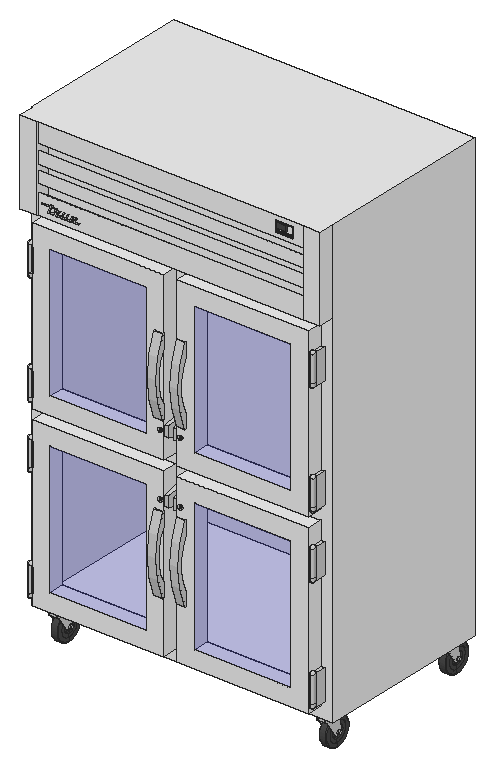
Revit family (continued)
Automatic sketch dimensions
  Extrusion 8 sketch curve to Extrusion 8 sketch curve = 0.16397"
  Extrusion 8 sketch curve to Extrusion 8 sketch curve = 0.12601"
  Extrusion 8 sketch curve to Extrusion 8 sketch curve = 0.1363"
  Extrusion 8 sketch curve to Extrusion 8 sketch curve = 0.02323"
  Extrusion 8 sketch curve to Extrusion 8 sketch curve = 0.03844"
  Extrusion 8 sketch curve to Extrusion 8 sketch curve = 0.0454"
  Extrusion 8 sketch curve to Extrusion 8 sketch curve = 0.05693"
  Extrusion 8 sketch curve to Extrusion 8 sketch curve = 0.0917"
  Extrusion 8 sketch curve to Extrusion 8 sketch curve = 0.01902"
  Extrusion 8 sketch curve to Extrusion 8 sketch curve = 0.02191"
  Extrusion 8 sketch curve to Extrusion 8 sketch curve = 0.0347"
  Extrusion 8 sketch curve to Extrusion 8 sketch curve = 0.06385"
  Extrusion 8 sketch curve to Extrusion 8 sketch curve = 0.02906"
  Extrusion 8 sketch curve to Extrusion 8 sketch curve = 0.02851"
  Extrusion 8 sketch curve to Extrusion 8 sketch curve = 0.29237"
  Extrusion 8 sketch curve to Extrusion 8 sketch curve = 0.00537"
  Extrusion 8 sketch curve to Extrusion 8 sketch curve = 0.0406"
  Extrusion 8 sketch curve to Extrusion 8 sketch curve = 0.04327"
  Extrusion 8 sketch curve to Extrusion 8 sketch curve = 0.02615"
  Extrusion 8 sketch curve to Extrusion 8 sketch curve = 0.11806"
  Extrusion 8 sketch curve to Extrusion 8 sketch curve = 0.15103"
  Extrusion 8 sketch curve to Extrusion 8 sketch curve = 0.10007"
  Extrusion 8 sketch curve to Extrusion 8 sketch curve = 0.5254"
  Extrusion 8 sketch curve to Extrusion 8 sketch curve = 0.14787"
  Extrusion 8 sketch curve to plane 6 "TOP" = 13.64562"
  Extrusion 8 sketch curve to Extrusion 8 sketch curve = 0.07275"
  Extrusion 8 sketch curve to Extrusion 8 sketch curve = 0.05776"
  Extrusion 8 sketch curve to Extrusion 8 sketch curve = 0.08631"
  Extrusion 8 sketch curve to Extrusion 8 sketch curve = 0.09282"
  Extrusion 8 sketch curve to Extrusion 8 sketch curve = 0.13018"
  Extrusion 8 sketch curve to Extrusion 8 sketch curve = 0.16714"
  Extrusion 8 sketch curve to Extrusion 8 sketch curve = 0.11061"
  Extrusion 8 sketch curve to Extrusion 8 sketch curve = 0.06046"
  Extrusion 8 sketch curve to Extrusion 8 sketch curve = 0.16548"
  Extrusion 8 sketch curve to Extrusion 8 sketch curve = 0.14279"
  Extrusion 8 sketch curve to Extrusion 8 sketch curve = 0.0496"
  Extrusion 8 sketch curve to Extrusion 8 sketch curve = 0.07293"
  Extrusion 8 sketch curve to Extrusion 8 sketch curve = 0.07764"
  Extrusion 8 sketch curve to Extrusion 8 sketch curve = 0.03794"
  Extrusion 8 sketch curve to Extrusion 8 sketch curve = 0.08552"
  Extrusion 8 sketch curve to Extrusion 8 sketch curve = 0.09296"
  Extrusion 8 sketch curve to Extrusion 8 sketch curve = 0.09314"
  Extrusion 8 sketch curve to Extrusion 8 sketch curve = 0.02781"
  Extrusion 8 sketch curve to Extrusion 8 sketch curve = 0.04981"
  Extrusion 8 sketch curve to Extrusion 8 sketch curve = 0.09315"
  Extrusion 8 sketch curve to Extrusion 8 sketch curve = 0.04799"
  Extrusion 8 sketch curve to Extrusion 8 sketch curve = 0.02531"
  Extrusion 8 sketch curve to Extrusion 8 sketch curve = 0.03054"
  Extrusion 8 sketch curve to Extrusion 8 sketch curve = 0.2589"
  Extrusion 8 sketch curve to Extrusion 8 sketch curve = 0.0674"
  Extrusion 8 sketch curve to Extrusion 8 sketch curve = 0.0324"
  Extrusion 8 sketch curve to Extrusion 8 sketch curve = 0.26185"
  Extrusion 8 sketch curve to Extrusion 8 sketch curve = 11/256"
  Extrusion 8 sketch curve to Extrusion 8 sketch curve = 0.07366"
  Extrusion 8 sketch curve to Extrusion 8 sketch curve = 0.02187"
  Extrusion 8 sketch curve to Extrusion 8 sketch curve = 0.06479"
  Extrusion 8 sketch curve to Extrusion 8 sketch curve = 0.01183"
  Extrusion 8 sketch curve to Extrusion 8 sketch curve = 0.05778"
  Extrusion 8 sketch curve to Extrusion 8 sketch curve = 0.53375"
  Extrusion 8 sketch curve to Extrusion 8 sketch curve = 0.23098"
  Extrusion 8 sketch curve to Extrusion 8 sketch curve = 0"
  Extrusion 8 sketch curve to Extrusion 8 sketch curve = 0.05045"
  Extrusion 8 sketch curve to Extrusion 8 sketch curve = 0.09139"
  Extrusion 8 sketch curve to Extrusion 8 sketch curve = 29/128"  (x3)
  Extrusion 9 sketch curve to plane 10 = 13/32"
  Extrusion 9 sketch curve to plane 6 "TOP" = 2 1/8"
  plane 5 "FRONT" to Extrusion 10 sketch curve = 0.2"  (x2)
  plane 5 "FRONT" to Extrusion 10 sketch curve = 0"  (x2)
  Extrusion 10 sketch curve to plane 5 "FRONT" = 7.77899"
  Extrusion 10 sketch curve to Extrusion 10 sketch curve = 7.30945"
  Extrusion 10 sketch curve to plane 6 "TOP" = 25.38027"
  Extrusion 10 sketch curve to Extrusion 10 sketch curve = 2.4"
  Extrusion 10 sketch curve to Extrusion 10 sketch curve = 4.4"
  Extrusion 10 sketch curve to Extrusion 10 sketch curve = 0"
  Blend 11 sketch curve to plane 12 = 1 1/8"  (x2)
  Blend 11 sketch curve to plane 12 = 3/8"
  plane 7 to Blend 11 sketch curve = 36.49169"
  Blend 11 sketch curve to Blend 11 sketch curve = 1 3/4"
  Blend 11 sketch curve to plane 12 = 0.19277"
  plane 7 to Blend 11 sketch curve = 35.8941"
  Blend 11 sketch curve to Blend 11 sketch curve = 2.78233"
  Blend 12 sketch curve to plane 8 = 1 9/32"
  Blend 12 sketch curve to plane 8 = 17/32"
  plane 7 to Blend 12 sketch curve = 38.24169"
  Blend 12 sketch curve to Blend 12 sketch curve = 1 3/4"
  plane 8 to Blend 12 sketch curve = 1 9/32"
  plane 8 to Blend 12 sketch curve = 0.34902"
  Blend 12 sketch curve to plane 7 = 35.8941"
  Blend 12 sketch curve to Blend 12 sketch curve = 2.78233"
  Extrusion 13 sketch curve to plane 5 "FRONT" = 1/2"
  Extrusion 13 sketch curve to Extrusion 13 sketch curve = 0.43503"
  Extrusion 13 sketch curve to Extrusion 13 sketch curve = 0.20453"
  Extrusion 13 sketch curve to Extrusion 13 sketch curve = 1.61044"
  Extrusion 13 sketch curve to plane 6 "TOP" = 24.88873"
  Extrusion 13 sketch curve to Extrusion 13 sketch curve = 0.71221"
  Extrusion 13 sketch curve to Extrusion 13 sketch curve = 4.39928"
  Revolve 14 sketch curve to plane 5 "FRONT" = 0.07771"  (x2)
  Revolve 14 sketch curve to Revolve 14 sketch curve = 0.38242"
  Revolve 14 sketch curve to Revolve 14 sketch curve = 0.38436"
  Revolve 14 sketch curve to plane 5 "FRONT" = 31/64"
  Revolve 14 sketch curve to Revolve 14 sketch curve = 0.40666"
  Revolve 14 sketch curve to Revolve 14 sketch curve = 0"
  Revolve 14 sketch curve to plane 6 "TOP" = 25.07719"
  Revolve 14 sketch curve to Revolve 14 sketch curve = 0.32931"
  Revolve 14 sketch curve to Revolve 14 sketch curve = 0.51246"
  Revolve 14 sketch curve to Revolve 14 sketch curve = 0.05342"
  Revolve 14 sketch curve to Revolve 14 sketch curve = 4.42889"
  Revolve 14 sketch curve to Revolve 14 sketch curve = 0.04281"
  Revolve 14 sketch curve to Revolve 14 sketch curve = 0.18929"
  Revolve 14 sketch curve to Revolve 14 sketch curve = 0.55526"
  Extrusion 15 sketch curve to plane 9 = 1.14759"
  Extrusion 15 sketch curve to Extrusion 15 sketch curve = 0.39759"
  Extrusion 15 sketch curve to plane 6 "TOP" = 24.12421"
  Extrusion 15 sketch curve to Extrusion 15 sketch curve = 4.47281"
  Extrusion 16 sketch curve to plane 5 "FRONT" = 1/2"
  Extrusion 16 sketch curve to Extrusion 16 sketch curve = 0.43503"
  Extrusion 16 sketch curve to Extrusion 16 sketch curve = 0.20453"
  Extrusion 16 sketch curve to Extrusion 16 sketch curve = 1.61044"
  plane 7 to Extrusion 16 sketch curve = 33.61127"
  Extrusion 16 sketch curve to Extrusion 16 sketch curve = 0.71221"
  Extrusion 16 sketch curve to Extrusion 16 sketch curve = 4.39928"
  Revolve 17 sketch curve to plane 5 "FRONT" = 0.07771"  (x2)
  Revolve 17 sketch curve to Revolve 17 sketch curve = 0.38242"
  Revolve 17 sketch curve to Revolve 17 sketch curve = 0.38436"
  Revolve 17 sketch curve to plane 5 "FRONT" = 31/64"
  Revolve 17 sketch curve to Revolve 17 sketch curve = 0.40666"
  Revolve 17 sketch curve to Revolve 17 sketch curve = 0"
  plane 7 to Revolve 17 sketch curve = 33.42281"
  Revolve 17 sketch curve to Revolve 17 sketch curve = 0.32931"
  Revolve 17 sketch curve to Revolve 17 sketch curve = 0.51246"
  Revolve 17 sketch curve to Revolve 17 sketch curve = 0.05342"
  Revolve 17 sketch curve to Revolve 17 sketch curve = 4.42889"
  Revolve 17 sketch curve to Revolve 17 sketch curve = 0.04281"
  Revolve 17 sketch curve to Revolve 17 sketch curve = 0.18929"
  Revolve 17 sketch curve to Revolve 17 sketch curve = 0.55526"
  Extrusion 18 sketch curve to plane 9 = 1.14759"
  Extrusion 18 sketch curve to Extrusion 18 sketch curve = 0.39759"
  plane 7 to Extrusion 18 sketch curve = 34.37579"
  Extrusion 18 sketch curve to Extrusion 18 sketch curve = 4.47281"
  Extrusion 19 sketch curve to plane 5 "FRONT" = 1/2"
  Extrusion 19 sketch curve to Extrusion 19 sketch curve = 0.43503"
  Extrusion 19 sketch curve to Extrusion 19 sketch curve = 0.20453"
  Extrusion 19 sketch curve to Extrusion 19 sketch curve = 1.61044"
  plane 7 to Extrusion 19 sketch curve = 22.61127"
  Extrusion 19 sketch curve to Extrusion 19 sketch curve = 0.71221"
  Extrusion 19 sketch curve to Extrusion 19 sketch curve = 4.39928"
  Revolve 20 sketch curve to plane 5 "FRONT" = 0.07771"  (x2)
  Revolve 20 sketch curve to Revolve 20 sketch curve = 0.38242"
  Revolve 20 sketch curve to Revolve 20 sketch curve = 0.38436"
  Revolve 20 sketch curve to plane 5 "FRONT" = 31/64"
  Revolve 20 sketch curve to Revolve 20 sketch curve = 0.40666"
  Revolve 20 sketch curve to Revolve 20 sketch curve = 0"
  plane 7 to Revolve 20 sketch curve = 22.42281"
  Revolve 20 sketch curve to Revolve 20 sketch curve = 0.32931"
  Revolve 20 sketch curve to Revolve 20 sketch curve = 0.51246"
  Revolve 20 sketch curve to Revolve 20 sketch curve = 0.05342"
  Revolve 20 sketch curve to Revolve 20 sketch curve = 4.42889"
  Revolve 20 sketch curve to Revolve 20 sketch curve = 0.04281"
  Revolve 20 sketch curve to Revolve 20 sketch curve = 0.18929"
  Revolve 20 sketch curve to Revolve 20 sketch curve = 0.55526"
  Extrusion 21 sketch curve to plane 9 = 1.14759"
  Extrusion 21 sketch curve to Extrusion 21 sketch curve = 0.39759"
  plane 7 to Extrusion 21 sketch curve = 23.37579"
  Extrusion 21 sketch curve to Extrusion 21 sketch curve = 4.47281"
  Extrusion 22 sketch curve to plane 5 "FRONT" = 1/2"
  Extrusion 22 sketch curve to Extrusion 22 sketch curve = 0.43503"
  Extrusion 22 sketch curve to Extrusion 22 sketch curve = 0.20453"
  Extrusion 22 sketch curve to Extrusion 22 sketch curve = 1.61044"
  plane 7 to Extrusion 22 sketch curve = 2.86127"
  Extrusion 22 sketch curve to Extrusion 22 sketch curve = 0.71221"
  Extrusion 22 sketch curve to Extrusion 22 sketch curve = 4.39928"
  Revolve 23 sketch curve to plane 5 "FRONT" = 0.07771"  (x2)
  Revolve 23 sketch curve to Revolve 23 sketch curve = 0.38242"
  Revolve 23 sketch curve to Revolve 23 sketch curve = 0.38436"
  Revolve 23 sketch curve to plane 5 "FRONT" = 31/64"
  Revolve 23 sketch curve to Revolve 23 sketch curve = 0.40666"
  Revolve 23 sketch curve to Revolve 23 sketch curve = 0"
  plane 7 to Revolve 23 sketch curve = 2.67281"
  Revolve 23 sketch curve to Revolve 23 sketch curve = 0.32931"
  Revolve 23 sketch curve to Revolve 23 sketch curve = 0.51246"
  Revolve 23 sketch curve to Revolve 23 sketch curve = 0.05342"
  Revolve 23 sketch curve to Revolve 23 sketch curve = 4.42889"
  Revolve 23 sketch curve to Revolve 23 sketch curve = 0.04281"
  Revolve 23 sketch curve to Revolve 23 sketch curve = 0.18929"
  Revolve 23 sketch curve to Revolve 23 sketch curve = 0.55526"
  Extrusion 24 sketch curve to plane 9 = 1.14759"
  Extrusion 24 sketch curve to Extrusion 24 sketch curve = 0.39759"
  plane 7 to Extrusion 24 sketch curve = 3.62579"
  Extrusion 24 sketch curve to Extrusion 24 sketch curve = 4.47281"
  Extrusion 25 sketch curve to plane 5 "FRONT" = 1/2"
  Extrusion 25 sketch curve to Extrusion 25 sketch curve = 0.43503"
  Extrusion 25 sketch curve to Extrusion 25 sketch curve = 0.20453"
  Extrusion 25 sketch curve to Extrusion 25 sketch curve = 1.61044"
  Extrusion 25 sketch curve to plane 6 "TOP" = 19.57271"
  Extrusion 25 sketch curve to Extrusion 25 sketch curve = 4.39928"
  Extrusion 25 sketch curve to Extrusion 25 sketch curve = 0.71221"
  Revolve 26 sketch curve to plane 5 "FRONT" = 0.07771"  (x2)
  Revolve 26 sketch curve to Revolve 26 sketch curve = 0.38242"
  Revolve 26 sketch curve to Revolve 26 sketch curve = 0.38436"
  Revolve 26 sketch curve to plane 5 "FRONT" = 31/64"
  Revolve 26 sketch curve to Revolve 26 sketch curve = 0.40666"
  Revolve 26 sketch curve to Revolve 26 sketch curve = 0"
  Revolve 26 sketch curve to plane 6 "TOP" = 18.75492"
  Revolve 26 sketch curve to Revolve 26 sketch curve = 0.55526"
  Revolve 26 sketch curve to Revolve 26 sketch curve = 0.19474"
  Revolve 26 sketch curve to Revolve 26 sketch curve = 0.14649"
  Revolve 26 sketch curve to Revolve 26 sketch curve = 4.42889"
  Revolve 26 sketch curve to Revolve 26 sketch curve = 0.05342"
  Revolve 26 sketch curve to Revolve 26 sketch curve = 0.51246"
  Revolve 26 sketch curve to Revolve 26 sketch curve = 0.05889"
  plane 10 to Extrusion 27 sketch curve = 0.99134"
  Extrusion 27 sketch curve to Extrusion 27 sketch curve = 0.39759"
  Extrusion 27 sketch curve to plane 6 "TOP" = 19.6514"
  Extrusion 27 sketch curve to Extrusion 27 sketch curve = 4.47281"
  Extrusion 28 sketch curve to plane 5 "FRONT" = 1/2"
  Extrusion 28 sketch curve to Extrusion 28 sketch curve = 0.43503"
  Extrusion 28 sketch curve to Extrusion 28 sketch curve = 0.20453"
  Extrusion 28 sketch curve to Extrusion 28 sketch curve = 1.61044"
  plane 7 to Extrusion 28 sketch curve = 38.92729"
  Extrusion 28 sketch curve to Extrusion 28 sketch curve = 4.39928"
  Extrusion 28 sketch curve to Extrusion 28 sketch curve = 0.71221"
  Revolve 29 sketch curve to plane 5 "FRONT" = 0.07771"  (x2)
  Revolve 29 sketch curve to Revolve 29 sketch curve = 0.38242"
  Revolve 29 sketch curve to Revolve 29 sketch curve = 0.38436"
  Revolve 29 sketch curve to plane 5 "FRONT" = 31/64"
  Revolve 29 sketch curve to Revolve 29 sketch curve = 0.40666"
  Revolve 29 sketch curve to Revolve 29 sketch curve = 0"
  Revolve 29 sketch curve to plane 6 "TOP" = 38.25492"
  Revolve 29 sketch curve to Revolve 29 sketch curve = 0.55526"
  Revolve 29 sketch curve to Revolve 29 sketch curve = 0.19474"
  Revolve 29 sketch curve to Revolve 29 sketch curve = 0.14649"
  Revolve 29 sketch curve to Revolve 29 sketch curve = 4.42889"
  Revolve 29 sketch curve to Revolve 29 sketch curve = 0.05342"
  Revolve 29 sketch curve to Revolve 29 sketch curve = 0.51246"
  Revolve 29 sketch curve to Revolve 29 sketch curve = 0.05889"
  plane 10 to Extrusion 30 sketch curve = 0.99134"
  Extrusion 30 sketch curve to Extrusion 30 sketch curve = 0.39759"
  plane 7 to Extrusion 30 sketch curve = 38.8486"
  Extrusion 30 sketch curve to Extrusion 30 sketch curve = 4.47281"
  Extrusion 31 sketch curve to plane 5 "FRONT" = 1/2"
  Extrusion 31 sketch curve to Extrusion 31 sketch curve = 0.43503"
  Extrusion 31 sketch curve to Extrusion 31 sketch curve = 0.20453"
  Extrusion 31 sketch curve to Extrusion 31 sketch curve = 1.61044"
  plane 7 to Extrusion 31 sketch curve = 27.92729"
  Extrusion 31 sketch curve to Extrusion 31 sketch curve = 4.39928"
  Extrusion 31 sketch curve to Extrusion 31 sketch curve = 0.71221"
  Revolve 32 sketch curve to plane 5 "FRONT" = 0.07771"  (x2)
  Revolve 32 sketch curve to Revolve 32 sketch curve = 0.38242"
  Revolve 32 sketch curve to Revolve 32 sketch curve = 0.38436"
  Revolve 32 sketch curve to plane 5 "FRONT" = 31/64"
  Revolve 32 sketch curve to Revolve 32 sketch curve = 0.40666"
  Revolve 32 sketch curve to Revolve 32 sketch curve = 0"
  plane 7 to Revolve 32 sketch curve = 28.74508"
  Revolve 32 sketch curve to Revolve 32 sketch curve = 0.55526"
  Revolve 32 sketch curve to Revolve 32 sketch curve = 0.19474"
  Revolve 32 sketch curve to Revolve 32 sketch curve = 0.14649"
  Revolve 32 sketch curve to Revolve 32 sketch curve = 4.42889"
  Revolve 32 sketch curve to Revolve 32 sketch curve = 0.05342"
  Revolve 32 sketch curve to Revolve 32 sketch curve = 0.51246"
  Revolve 32 sketch curve to Revolve 32 sketch curve = 0.05889"
  plane 10 to Extrusion 33 sketch curve = 0.99134"
  Extrusion 33 sketch curve to Extrusion 33 sketch curve = 0.39759"
  plane 7 to Extrusion 33 sketch curve = 27.8486"
  Extrusion 33 sketch curve to Extrusion 33 sketch curve = 4.47281"
  Extrusion 34 sketch curve to plane 5 "FRONT" = 1/2"
  Extrusion 34 sketch curve to Extrusion 34 sketch curve = 0.43503"
  Extrusion 34 sketch curve to Extrusion 34 sketch curve = 0.20453"
  Extrusion 34 sketch curve to Extrusion 34 sketch curve = 1.61044"
  plane 7 to Extrusion 34 sketch curve = 8.17729"
  plane 7 to Extrusion 34 sketch curve = 3.57348"
  Extrusion 34 sketch curve to Extrusion 34 sketch curve = 0.71221"
  Revolve 35 sketch curve to plane 5 "FRONT" = 0.07771"  (x2)
  Revolve 35 sketch curve to Revolve 35 sketch curve = 0.38242"
  Revolve 35 sketch curve to Revolve 35 sketch curve = 0.38436"
  Revolve 35 sketch curve to plane 5 "FRONT" = 31/64"
  Revolve 35 sketch curve to Revolve 35 sketch curve = 0.40666"
  Revolve 35 sketch curve to Revolve 35 sketch curve = 0"
  plane 7 to Revolve 35 sketch curve = 8.99508"
  Revolve 35 sketch curve to Revolve 35 sketch curve = 0.55526"
  Revolve 35 sketch curve to Revolve 35 sketch curve = 0.19474"
  Revolve 35 sketch curve to Revolve 35 sketch curve = 0.14649"
  plane 7 to Revolve 35 sketch curve = 3.62689"
  Revolve 35 sketch curve to Revolve 35 sketch curve = 0.05342"
  Revolve 35 sketch curve to Revolve 35 sketch curve = 0.51246"
  Revolve 35 sketch curve to Revolve 35 sketch curve = 0.05889"
  plane 10 to Extrusion 36 sketch curve = 0.99134"
  Extrusion 36 sketch curve to Extrusion 36 sketch curve = 0.39759"
  plane 7 to Extrusion 36 sketch curve = 8.0986"
  plane 7 to Extrusion 36 sketch curve = 3.62579"
  Revolve 37 sketch curve to plane 10 = 1.50773"
  Revolve 37 sketch curve to Revolve 37 sketch curve = 0.48273"
  Revolve 37 sketch curve to plane 10 = 5/8"  (x2)
  Revolve 37 sketch curve to Revolve 37 sketch curve = 0.1"  (x2)
  Revolve 37 sketch curve to Revolve 37 sketch curve = 0.16101"
  plane 10 to Revolve 37 sketch curve = 0.12908"
  plane 10 to Revolve 37 sketch curve = 0.46399"
  plane 10 to Revolve 37 sketch curve = 0.525"
  Revolve 37 sketch curve to Revolve 37 sketch curve = 1/2"
  Revolve 37 sketch curve to Revolve 37 sketch curve = 0.16509"
  Revolve 37 sketch curve to Revolve 37 sketch curve = 0.39592"
  level to Revolve 37 sketch curve = 2 1/2"
  Revolve 37 sketch curve to Revolve 37 sketch curve = 0"
  Revolve 37 sketch curve to Revolve 37 sketch curve = 0.29941"  (x2)
  Revolve 37 sketch curve to Revolve 37 sketch curve = 3/4"  (x4)
  Revolve 37 sketch curve to Revolve 37 sketch curve = 0.59652"
  Revolve 37 sketch curve to Revolve 37 sketch curve = 0.60059"
  Extrusion 38 sketch curve to plane 7 = 0.63926"  (x2)
  Extrusion 38 sketch curve to plane 5 "FRONT" = 3.79864"
  Extrusion 38 sketch curve to Extrusion 38 sketch curve = 1/4"  (x2)
  level to Extrusion 38 sketch curve = 2.18736"  (x2)
  Extrusion 38 sketch curve to Extrusion 38 sketch curve = 1.7492"
  Extrusion 38 sketch curve to Extrusion 38 sketch curve = 0.50669"  (x2)
  Extrusion 38 sketch curve to Extrusion 38 sketch curve = 2 1/2"
  level to Extrusion 38 sketch curve = 2.59003"
  Extrusion 38 sketch curve to Extrusion 38 sketch curve = 0.59966"  (x2)
  plane 1 "BACK" to Extrusion 38 sketch curve = 3.8577"
  plane 1 "BACK" to Extrusion 38 sketch curve = 1.8585"
  plane 1 "BACK" to Extrusion 38 sketch curve = 1.1077"
  Extrusion 38 sketch curve to Extrusion 38 sketch curve = 0.32905"
  Extrusion 38 sketch curve to Extrusion 38 sketch curve = 0.60485"  (x2)
  Extrusion 39 sketch curve to plane 7 = 0.63926"  (x2)
  Extrusion 39 sketch curve to plane 5 "FRONT" = 3.79864"
  Extrusion 39 sketch curve to Extrusion 39 sketch curve = 1/4"  (x2)
  level to Extrusion 39 sketch curve = 2.18736"  (x2)
  Extrusion 39 sketch curve to Extrusion 39 sketch curve = 1.7492"
  Extrusion 39 sketch curve to Extrusion 39 sketch curve = 0.50669"  (x2)
  Extrusion 39 sketch curve to Extrusion 39 sketch curve = 2 1/2"
  level to Extrusion 39 sketch curve = 2.59003"
  Extrusion 39 sketch curve to Extrusion 39 sketch curve = 0.59966"  (x2)
  plane 1 "BACK" to Extrusion 39 sketch curve = 3.8577"
  plane 1 "BACK" to Extrusion 39 sketch curve = 1.8585"
  plane 1 "BACK" to Extrusion 39 sketch curve = 1.1077"
  Extrusion 39 sketch curve to Extrusion 39 sketch curve = 0.32905"
  Extrusion 39 sketch curve to Extrusion 39 sketch curve = 0.60485"  (x2)
  Revolve 40 sketch curve to plane 10 = 0"  (x2)
  Revolve 40 sketch curve to plane 7 = 0.62954"
  Revolve 40 sketch curve to plane 10 = 1.29707"
  Revolve 40 sketch curve to Revolve 40 sketch curve = 0.10278"
  Revolve 40 sketch curve to plane 7 = 0.00141"
  plane 7 to Revolve 40 sketch curve = 0.26768"
  Revolve 41 sketch curve to level = 0"
  Revolve 41 sketch curve to plane 10 = 0"  (x2)
  Revolve 41 sketch curve to plane 10 = 1/2"
  Revolve 41 sketch curve to Revolve 41 sketch curve = 1/4"
  Revolve 41 sketch curve to plane 7 = 0"
  Revolve 41 sketch curve to Revolve 41 sketch curve = 1.33338"
  level to Revolve 41 sketch curve = 1"
  Revolve 41 sketch curve to Revolve 41 sketch curve = 5/8"
  plane 7 to Revolve 41 sketch curve = 1 25/32"
  Revolve 42 sketch curve to level = 0"
  Revolve 42 sketch curve to plane 10 = 0"  (x2)
  Revolve 42 sketch curve to plane 10 = 1/2"
  Revolve 42 sketch curve to Revolve 42 sketch curve = 1/4"
  Revolve 42 sketch curve to plane 7 = 0"
  Revolve 42 sketch curve to Revolve 42 sketch curve = 1.33338"
  level to Revolve 42 sketch curve = 1"
  Revolve 42 sketch curve to Revolve 42 sketch curve = 5/8"
  plane 7 to Revolve 42 sketch curve = 1 25/32"
  Revolve 43 sketch curve to plane 10 = 0"  (x2)
  Revolve 43 sketch curve to plane 7 = 0.62954"
  Revolve 43 sketch curve to plane 10 = 1.29707"
  Revolve 43 sketch curve to Revolve 43 sketch curve = 0.10278"
  Revolve 43 sketch curve to plane 7 = 0.00141"
  plane 7 to Revolve 43 sketch curve = 0.26768"
  Extrusion 44 sketch curve to plane 7 = 0.63926"  (x2)
  Extrusion 44 sketch curve to plane 5 "FRONT" = 3.79864"
  Extrusion 44 sketch curve to Extrusion 44 sketch curve = 1/4"  (x2)
  Extrusion 44 sketch curve to Extrusion 44 sketch curve = 2 1/2"
  Extrusion 44 sketch curve to plane 7 = 0.93273"  (x2)
  Extrusion 44 sketch curve to Extrusion 44 sketch curve = 0.03603"
  plane 1 "BACK" to Extrusion 44 sketch curve = 3.8577"
  Extrusion 44 sketch curve to plane 7 = 1.24411"
  plane 1 "BACK" to Extrusion 44 sketch curve = 1.1077"
  Revolve 45 sketch curve to plane 10 = 1.50773"
  Revolve 45 sketch curve to Revolve 45 sketch curve = 0.48273"
  Revolve 45 sketch curve to plane 10 = 5/8"  (x2)
  Revolve 45 sketch curve to Revolve 45 sketch curve = 0.1"  (x2)
  Revolve 45 sketch curve to Revolve 45 sketch curve = 0.16101"
  plane 10 to Revolve 45 sketch curve = 0.12908"
  plane 10 to Revolve 45 sketch curve = 0.46399"
  plane 10 to Revolve 45 sketch curve = 0.525"
  Revolve 45 sketch curve to Revolve 45 sketch curve = 1/2"
  Revolve 45 sketch curve to Revolve 45 sketch curve = 0.16509"
  Revolve 45 sketch curve to Revolve 45 sketch curve = 0.39592"
  level to Revolve 45 sketch curve = 2 1/2"
  Revolve 45 sketch curve to Revolve 45 sketch curve = 0"
  Revolve 45 sketch curve to Revolve 45 sketch curve = 0.29941"  (x2)
  Revolve 45 sketch curve to Revolve 45 sketch curve = 3/4"  (x4)
  Revolve 45 sketch curve to Revolve 45 sketch curve = 0.59652"
  Revolve 45 sketch curve to Revolve 45 sketch curve = 0.60059"
  plane 3 "LEFT" to Revolve 46 sketch curve = 1.33602"
  Revolve 46 sketch curve to Revolve 46 sketch curve = 0.48273"
  Revolve 46 sketch curve to plane 9 = 5/8"  (x2)
  Revolve 46 sketch curve to Revolve 46 sketch curve = 0.1"  (x2)
  Revolve 46 sketch curve to Revolve 46 sketch curve = 0.16101"
  plane 9 to Revolve 46 sketch curve = 0.12908"
  plane 9 to Revolve 46 sketch curve = 0.46399"
  plane 9 to Revolve 46 sketch curve = 0.525"
  Revolve 46 sketch curve to Revolve 46 sketch curve = 1/2"
  Revolve 46 sketch curve to Revolve 46 sketch curve = 0.16509"
  Revolve 46 sketch curve to Revolve 46 sketch curve = 0.39592"
  level to Revolve 46 sketch curve = 2 1/2"
  Revolve 46 sketch curve to Revolve 46 sketch curve = 0"
  Revolve 46 sketch curve to Revolve 46 sketch curve = 0.29941"  (x2)
  Revolve 46 sketch curve to Revolve 46 sketch curve = 3/4"  (x4)
  Revolve 46 sketch curve to Revolve 46 sketch curve = 0.59652"
  Revolve 46 sketch curve to Revolve 46 sketch curve = 0.60059"
  Extrusion 47 sketch curve to plane 7 = 0.63926"  (x2)
  Extrusion 47 sketch curve to plane 5 "FRONT" = 3.79864"
  Extrusion 47 sketch curve to Extrusion 47 sketch curve = 1/4"  (x2)
  level to Extrusion 47 sketch curve = 2.18736"  (x2)
  Extrusion 47 sketch curve to Extrusion 47 sketch curve = 1.7492"
  Extrusion 47 sketch curve to Extrusion 47 sketch curve = 0.50669"  (x2)
  Extrusion 47 sketch curve to Extrusion 47 sketch curve = 2 1/2"
  level to Extrusion 47 sketch curve = 2.59003"
  Extrusion 47 sketch curve to Extrusion 47 sketch curve = 0.59966"  (x2)
  plane 1 "BACK" to Extrusion 47 sketch curve = 3.8577"
  plane 1 "BACK" to Extrusion 47 sketch curve = 1.8585"
  plane 1 "BACK" to Extrusion 47 sketch curve = 1.1077"
  Extrusion 47 sketch curve to Extrusion 47 sketch curve = 0.32905"
  Extrusion 47 sketch curve to Extrusion 47 sketch curve = 0.60485"  (x2)
  Extrusion 48 sketch curve to plane 7 = 0.63926"  (x2)
  Extrusion 48 sketch curve to plane 5 "FRONT" = 3.79864"
  Extrusion 48 sketch curve to Extrusion 48 sketch curve = 1/4"  (x2)
  level to Extrusion 48 sketch curve = 2.18736"  (x2)
  Extrusion 48 sketch curve to Extrusion 48 sketch curve = 1.7492"
  Extrusion 48 sketch curve to Extrusion 48 sketch curve = 0.50669"  (x2)
  Extrusion 48 sketch curve to Extrusion 48 sketch curve = 2 1/2"
  level to Extrusion 48 sketch curve = 2.59003"
  Extrusion 48 sketch curve to Extrusion 48 sketch curve = 0.59966"  (x2)
  plane 1 "BACK" to Extrusion 48 sketch curve = 3.8577"
  plane 1 "BACK" to Extrusion 48 sketch curve = 1.8585"
  plane 1 "BACK" to Extrusion 48 sketch curve = 1.1077"
  Extrusion 48 sketch curve to Extrusion 48 sketch curve = 0.32905"
  Extrusion 48 sketch curve to Extrusion 48 sketch curve = 0.60485"  (x2)
  Revolve 49 sketch curve to plane 9 = 0"  (x2)
  Revolve 49 sketch curve to plane 7 = 0.62954"
  Revolve 49 sketch curve to plane 9 = 1.29707"
  Revolve 49 sketch curve to Revolve 49 sketch curve = 0.10278"
  Revolve 49 sketch curve to plane 7 = 0.00141"
  plane 7 to Revolve 49 sketch curve = 0.26768"
  Revolve 50 sketch curve to level = 0"
  Revolve 50 sketch curve to plane 9 = 0"  (x2)
  Revolve 50 sketch curve to plane 9 = 1/2"
  Revolve 50 sketch curve to Revolve 50 sketch curve = 1/4"
  Revolve 50 sketch curve to plane 7 = 0"
  Revolve 50 sketch curve to plane 9 = 1.33338"
  level to Revolve 50 sketch curve = 1"
  Revolve 50 sketch curve to Revolve 50 sketch curve = 5/8"
  plane 7 to Revolve 50 sketch curve = 1 25/32"
  Revolve 51 sketch curve to level = 0"
  Revolve 51 sketch curve to plane 9 = 0"  (x2)
  Revolve 51 sketch curve to plane 9 = 1/2"
  Revolve 51 sketch curve to Revolve 51 sketch curve = 1/4"
  Revolve 51 sketch curve to plane 7 = 0"
  Revolve 51 sketch curve to plane 9 = 1.33338"
  level to Revolve 51 sketch curve = 1"
  Revolve 51 sketch curve to Revolve 51 sketch curve = 5/8"
  plane 7 to Revolve 51 sketch curve = 1 25/32"
  Revolve 52 sketch curve to plane 9 = 0"  (x2)
  Revolve 52 sketch curve to plane 7 = 0.62954"
  Revolve 52 sketch curve to plane 9 = 1.29707"
  Revolve 52 sketch curve to Revolve 52 sketch curve = 0.10278"
  Revolve 52 sketch curve to plane 7 = 0.00141"
  plane 7 to Revolve 52 sketch curve = 0.26768"
  Extrusion 53 sketch curve to plane 7 = 0.63926"  (x2)
  Extrusion 53 sketch curve to plane 5 "FRONT" = 3.79864"
  Extrusion 53 sketch curve to Extrusion 53 sketch curve = 1/4"  (x2)
  Extrusion 53 sketch curve to Extrusion 53 sketch curve = 2 1/2"
  Extrusion 53 sketch curve to plane 7 = 0.93273"  (x2)
  Extrusion 53 sketch curve to Extrusion 53 sketch curve = 0.03603"
  plane 1 "BACK" to Extrusion 53 sketch curve = 3.8577"
  Extrusion 53 sketch curve to plane 7 = 1.24411"
  plane 1 "BACK" to Extrusion 53 sketch curve = 1.1077"
  plane 3 "LEFT" to Revolve 54 sketch curve = 1.33602"
  Revolve 54 sketch curve to Revolve 54 sketch curve = 0.48273"
  Revolve 54 sketch curve to plane 9 = 5/8"  (x2)
  Revolve 54 sketch curve to Revolve 54 sketch curve = 0.1"  (x2)
  Revolve 54 sketch curve to Revolve 54 sketch curve = 0.16101"
  plane 9 to Revolve 54 sketch curve = 0.12908"
  plane 9 to Revolve 54 sketch curve = 0.46399"
  plane 9 to Revolve 54 sketch curve = 0.525"
  Revolve 54 sketch curve to Revolve 54 sketch curve = 1/2"
  Revolve 54 sketch curve to Revolve 54 sketch curve = 0.16509"
  Revolve 54 sketch curve to Revolve 54 sketch curve = 0.39592"
  level to Revolve 54 sketch curve = 2 1/2"
  Revolve 54 sketch curve to Revolve 54 sketch curve = 0"
  Revolve 54 sketch curve to Revolve 54 sketch curve = 0.29941"  (x2)
  Revolve 54 sketch curve to Revolve 54 sketch curve = 3/4"  (x4)
  Revolve 54 sketch curve to Revolve 54 sketch curve = 0.59652"
  Revolve 54 sketch curve to Revolve 54 sketch curve = 0.60059"
  Extrusion 55 sketch curve to plane 6 "TOP" = 2.55982"
  Extrusion 55 sketch curve to plane 10 = 5.12093"
  Extrusion 55 sketch curve to plane 10 = 2.21468"
  Extrusion 55 sketch curve to plane 6 "TOP" = 13/16"
  Extrusion 56 sketch curve to plane 6 "TOP" = 3/4"
  Extrusion 56 sketch curve to plane 10 = 5.18343"
  Extrusion 56 sketch curve to Extrusion 56 sketch curve = 1/16"  (x4)
  Extrusion 56 sketch curve to Extrusion 56 sketch curve = 0.1375"  (x2)
  Extrusion 56 sketch curve to Extrusion 56 sketch curve = 1/4"  (x4)
  Extrusion 56 sketch curve to Extrusion 56 sketch curve = 0.44601"
  Extrusion 56 sketch curve to Extrusion 56 sketch curve = 1/2"  (x2)
  Extrusion 56 sketch curve to Extrusion 56 sketch curve = 0.0035"
  Extrusion 56 sketch curve to Extrusion 56 sketch curve = 1.06923"
  Extrusion 56 sketch curve to plane 6 "TOP" = 0.95"
  Extrusion 56 sketch curve to Extrusion 56 sketch curve = 1"
  Extrusion 56 sketch curve to Extrusion 56 sketch curve = 0.34106"  (x3)
  Extrusion 56 sketch curve to Extrusion 56 sketch curve = 0"
  Extrusion 56 sketch curve to Extrusion 56 sketch curve = 0.26876"
  Extrusion 58 sketch curve to plane 9 = 0"
  Extrusion 58 sketch curve to plane 5 "FRONT" = 5.09023"
  Extrusion 59 sketch curve to plane 9 = 0"
  plane 1 "BACK" to Extrusion 59 sketch curve = 2.69102"
  Extrusion 60 sketch curve to plane 10 = 0"
  plane 1 "BACK" to Extrusion 60 sketch curve = 2.69102"
  Extrusion 61 sketch curve to plane 10 = 0"
  Extrusion 61 sketch curve to plane 5 "FRONT" = 5.09023"
  plane 5 "FRONT" to Extrusion 62 sketch curve = 0.2"  (x2)
  plane 5 "FRONT" to Extrusion 62 sketch curve = 0"  (x2)
  Extrusion 62 sketch curve to plane 5 "FRONT" = 7.77899"
  Extrusion 62 sketch curve to Extrusion 62 sketch curve = 7.30945"
  Extrusion 62 sketch curve to plane 6 "TOP" = 38.98027"
  Extrusion 62 sketch curve to Extrusion 62 sketch curve = 2.4"
  Extrusion 62 sketch curve to Extrusion 62 sketch curve = 4.4"
  Extrusion 62 sketch curve to Extrusion 62 sketch curve = 0"
  Extrusion 63 sketch curve to plane 12 = 1 181/256"
  Extrusion 63 sketch curve to Extrusion 63 sketch curve = 9/256"
  Extrusion 63 sketch curve to Extrusion 63 sketch curve = 0.0555"  (x2)
  Extrusion 63 sketch curve to plane 8 = 1.8234"
  Extrusion 63 sketch curve to Extrusion 63 sketch curve = 0.02035"
  plane 7 to Extrusion 63 sketch curve = 26.16365"
  Extrusion 63 sketch curve to Extrusion 63 sketch curve = 0"
  Extrusion 63 sketch curve to Extrusion 63 sketch curve = 0.27385"  (x2)
  Extrusion 63 sketch curve to Extrusion 63 sketch curve = 0.29355"  (x2)
  Blend 64 sketch curve to plane 12 = 1 1/8"
  Blend 64 sketch curve to plane 12 = 3/8"
  plane 7 to Blend 64 sketch curve = 25.50831"
  Blend 64 sketch curve to Blend 64 sketch curve = 1 3/4"
  plane 12 to Blend 64 sketch curve = 1 1/8"
  plane 12 to Blend 64 sketch curve = 0.19277"
  Blend 64 sketch curve to plane 7 = 27.8559"
  Blend 64 sketch curve to Blend 64 sketch curve = 2.78233"
  Blend 65 sketch curve to plane 8 = 1 9/32"  (x2)
  Blend 65 sketch curve to plane 8 = 17/32"
  plane 7 to Blend 65 sketch curve = 27.25831"
  Blend 65 sketch curve to Blend 65 sketch curve = 1 3/4"
  Blend 65 sketch curve to plane 8 = 0.34902"
  plane 7 to Blend 65 sketch curve = 27.8559"
  Blend 65 sketch curve to Blend 65 sketch curve = 2.78233"
  plane 5 "FRONT" to Extrusion 66 sketch curve = 0.2"  (x2)
  plane 5 "FRONT" to Extrusion 66 sketch curve = 0"  (x2)
  Extrusion 66 sketch curve to plane 5 "FRONT" = 7.77899"
  Extrusion 66 sketch curve to Extrusion 66 sketch curve = 7.30945"
  plane 7 to Extrusion 66 sketch curve = 24.73027"
  Extrusion 66 sketch curve to Extrusion 66 sketch curve = 2.4"
  Extrusion 66 sketch curve to Extrusion 66 sketch curve = 4.4"
  Extrusion 66 sketch curve to Extrusion 66 sketch curve = 0"
  plane 5 "FRONT" to Extrusion 67 sketch curve = 0.2"  (x2)
  plane 5 "FRONT" to Extrusion 67 sketch curve = 0"  (x2)
  Extrusion 67 sketch curve to plane 5 "FRONT" = 7.77899"
  Extrusion 67 sketch curve to Extrusion 67 sketch curve = 7.30945"
  plane 7 to Extrusion 67 sketch curve = 11.13027"
  Extrusion 67 sketch curve to Extrusion 67 sketch curve = 2.4"
  Extrusion 67 sketch curve to Extrusion 67 sketch curve = 4.4"
  Extrusion 67 sketch curve to Extrusion 67 sketch curve = 0"
  plane 9 to Extrusion 68 sketch curve = 2 1/4"  (x2)
  Extrusion 68 sketch curve to plane 12 = 4 1/8"  (x2)
  Extrusion 68 sketch curve to plane 8 = 4 9/32"  (x2)
  Extrusion 68 sketch curve to plane 10 = 2 13/32"  (x2)
  plane 7 to Extrusion 68 sketch curve = 4 29/32"  (x2)
  Extrusion 68 sketch curve to Extrusion 68 sketch curve = 23 3/32"
  Extrusion 68 sketch curve to Extrusion 68 sketch curve = 0"
  Extrusion 68 sketch curve to Extrusion 68 sketch curve = 7 3/4"  (x2)
  Extrusion 68 sketch curve to plane 6 "TOP" = 19 5/32"  (x2)
  plane 5 "FRONT" to Extrusion 69 sketch curve = 0"  (x2)
  plane 10 to Extrusion 69 sketch curve = 19/32"
  Extrusion 69 sketch curve to plane 8 = 1 9/32"
  Extrusion 69 sketch curve to plane 12 = 1 1/8"
  Extrusion 69 sketch curve to plane 9 = 3/4"
  Extrusion 3 to Extrusion 70 sketch curve = 0"
  Extrusion 70 sketch curve to Extrusion 3 = 1"
  Extrusion 3 to Extrusion 70 sketch curve = 22 1/8"
  Extrusion 70 sketch curve to Extrusion 70 sketch curve = 4 1/32"
  Extrusion 3 sketch curve to Extrusion 3 sketch curve = 1"  (x2)
  Extrusion 3 sketch curve to Extrusion 3 sketch curve = 27 3/32"
  Extrusion 3 sketch curve to Extrusion 3 sketch curve = 3 3/4"
  plane 8 to Extrusion 6 sketch curve = 4 1/8"
  plane 8 to Extrusion 6 sketch curve = 1 1/8"
  plane 5 "FRONT" to Extrusion 57 sketch curve = 0"  (x2)
  plane 10 to Extrusion 57 sketch curve = 19/32"
  Extrusion 57 sketch curve to plane 8 = 1 9/32"
  plane 8 to Extrusion 57 sketch curve = 1 1/8"
  Extrusion 57 sketch curve to plane 9 = 3/4"
  radius of Extrusion 7 sketch curve = 0.35"  (x2)
  radius of Extrusion 9 sketch curve = 1/4"
  radius of Extrusion 58 sketch curve = 1 1/2"
  radius of Extrusion 59 sketch curve = 1 1/2"
  radius of Extrusion 60 sketch curve = 1 1/2"
  radius of Extrusion 61 sketch curve = 1 1/2"
  radius of Extrusion 63 sketch curve = 0.35"  (x2)
Connectors (in)
  electrical at (49.53125, -0.0625, 82), driven by "Volts", driven by "Watts"
    settings: on Extrusion 9, index 1, voltage 208 V, apparent load 3000 VA, apparent load phase1 0 VA, apparent load phase2 0 VA, apparent load phase3 0 VA, power factor 1, load classification "Other", number of poles 1, system type 30, power factor state 1, is connector primary yes, connector utility no, sub classification motor no, connector description "Electrical Connection"
